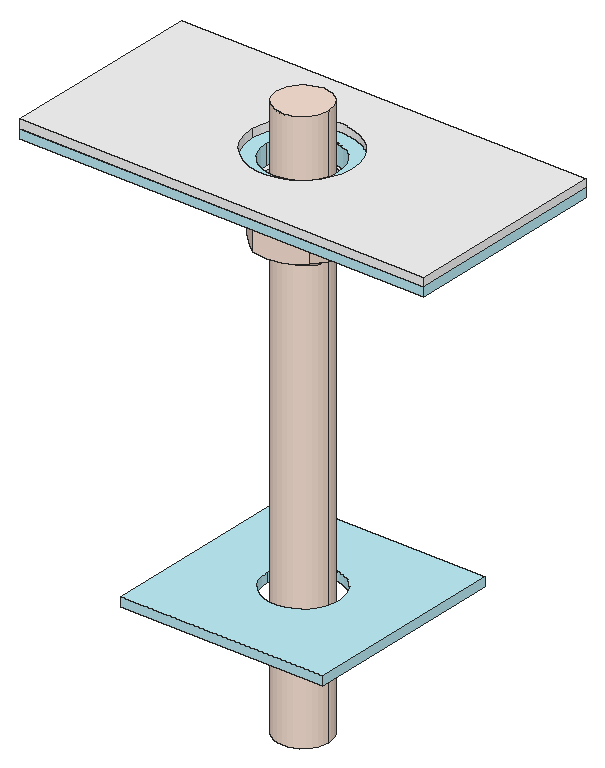
Revit family "gtqueen_outdoor_umekomi", category 機械設備, Revit 2022
Family settings
  丸型コネクタ寸法 = 直径を使用
  種別 = なし
  パーツ タイプ = 標準
  作業面ベース = いいえ
  常に垂直 = はい
  ロード時にボイドで切り取り = いいえ
  注釈の向きを維持 = いいえ
  共有 = いいえ
  部屋計算ポイント = いいえ
Parameters
  製造元 = "株式会社桐井製作所"
  既定の高さ = 0 mm
  URL = "https://www.kirii.co.jp/"
  K_名称 = "GTクイーンアウトドア埋込タイプ"
  K_備考 = "ボルト長さ60mm~250mmまで対応"
  K_バージョン情報 = "20221219"
Reference planes
  plane 1 "中心(正面/背面)": y = 0
  plane 2: z = 0
  plane 3 "中心(左/右)": x = 0
Dimensions and locks
  aligned and locked: level to plane 2
Nested families
  nested 1: "クッションゴムGTクイーン用" at (0.038, 0, 97.3), type "クッションゴムGTクイーン用"
  nested 2: "1／2”ボルト(高耐食)" at (0.076, 0, -30), type "1／2”ボルト(高耐食)"
    with K_長さ(mm) 140 mm
  nested 3: "受け金具GTクイーン用(高耐食)" at (0.114, 0, 97.3) x (1, 0, 0) z (0, 0, -1), type "受け金具GTクイーン用(高耐食)"
  nested 4: "調整座金(高耐食)" at (0.114, 0, 0), type "調整座金(高耐食)"
  nested 5: "1／2”ナット(高耐食)" at (0.114, 0, 89.1) x (1, 0, 0) z (0, 0, -1), type "1／2”ナット(高耐食)"
  nested 6: "1／2”スプリングワッシャー(高耐食)" at (0.114, 0, 89.1), type "1／2”スプリングワッシャー(高耐食)"
Definition of nested family "クッションゴムGTクイーン用"
  Parameters (values of type "クッションゴムGTクイーン用")
    Manufacturer = "株式会社桐井製作所"
    Default Elevation = 0 mm
    URL = "https://www.kirii.co.jp/"
    K_材質 = "天然ゴム"
    K_名称 = "クッションゴムGTクイーン用"
    K_単位質量(kg/個) = 0.013
    K_バージョン情報 = "20221219"
    K_JIS規格 = "JIS Ｋ 6386"
  Reference planes
    plane 1 "中心(正面/背面)": y = 0
    plane 2: z = 0
    plane 3 "中心(左/右)": x = 0
  Forms (mm)
    Extrusion 1, solid
      sketch origin (0, 0, -108.4) x (-1, 0, 0) y (0, 0, 1)
        loop
          line (50, 108.4) -> (50, 110.4) -> (-50, 110.4) -> (-50, 108.4) -> (50, 108.4)
      from -25 to 25
    Extrusion 2, void
      sketch origin (0, 0, 0) x (1, 0, 0) y (0, 1, 0)
        loop
          circle (0, 0) r 12.5
      from 0 to 2
  Cuts and joins
    Extrusion 2 cuts Extrusion 1
  Dimensions and locks
    aligned and locked: level to plane 2
Definition of nested family "1／2”ボルト(高耐食)"
  Parameters (values of type "1／2”ボルト(高耐食)")
    Manufacturer = "株式会社桐井製作所"
    Default Elevation = 0 mm
    URL = "https://www.kirii.co.jp/"
    K_長さ(mm) [instance] = 100 mm
    K_材質 = "軟鋼線材"
    K_名称 = "1/2”ボルト(高耐食)"
    K_単位質量(㎏/mm) = 0.075
    K_バージョン情報 = "20221219"
    K_めっき付着量 = "高耐食複合焼付被膜"
    K_JIS規格 = "JIS G 3505　同等以上"
  Reference planes
    plane 1 "中心(正面/背面)": y = 0
    plane 2: z = 0
    plane 3 "中心(左/右)": x = 0
  Forms (mm)
    Extrusion 1, solid
      sketch origin (0.058, 0, 0) x (1, 0, 0) y (0, 1, 0)
        loop
          circle (-0.02, 0) r 6.35
      from 0 to 100
  Dimensions and locks
    "K_長さ(mm)": Extrusion 1 to Extrusion 1
    aligned and locked: level to plane 2
  Automatic sketch dimensions
    plane 1 "中心(正面/背面)" to Extrusion 1 sketch curve = 0 mm
    plane 3 "中心(左/右)" to Extrusion 1 sketch curve = 0.038 mm
    radius of Extrusion 1 sketch curve = 6.35 mm
Definition of nested family "受け金具GTクイーン用(高耐食)"
  Parameters (values of type "受け金具GTクイーン用(高耐食)")
    Manufacturer = "株式会社桐井製作所"
    Default Elevation = 0 mm
    URL = "https://www.kirii.co.jp/"
    K_表面処理 = "K27"
    K_材質 = "溶融亜鉛めっき鋼板及び鋼帯 JIS G 3302"
    K_名称 = "GTクイーン用受け金具(高耐食)"
    K_バージョン情報 = "20221219"
  Reference planes
    plane 1 "中心(正面/背面)": y = 0
    plane 2: z = 0
    plane 3 "中心(左/右)": x = 0
  Forms (mm)
    Extrusion 1, solid
      sketch origin (0, 0, 0) x (1, 0, 0) y (0, 0, 1)
        loop
          line (-50, 2.3) -> (-50, 0) -> (50, 0) -> (50, 2.3) -> (-50, 2.3)
      from -25 to 25
    Revolve 2, solid
      sketch origin (0, 0, 0) x (1, 0, 0) y (0, 0, 1)
        loop
          line (0, 5) -> (0, 2.3) -> (17.5, 2.3)
          arc (17.5, 2.3) -> (16.21, 4.247) -> (14, 5) r 3.619
          line (14, 5) -> (0, 5)
        axis (0, 5) -> (0, 2.3)
      angle from 0 to 360
    Extrusion 3, void
      sketch origin (0, 0, 0) x (1, 0, 0) y (0, 1, 0)
        loop
          circle (-0.139, 0) r 9
      from 0 to 5
    Extrusion 4, void
      sketch origin (0, 0, 0) x (1, 0, 0) y (0, 1, 0)
        loop
          circle (-35.139, -10) r 2
        loop
          circle (34.861, 10) r 2
      from 0 to 2.3
  Cuts and joins
    Extrusion 3, Extrusion 4 cuts Extrusion 1
    Extrusion 3, Extrusion 4 cuts Revolve 2
    joined: Extrusion 1, Revolve 2
  Dimensions and locks
    aligned and locked: level to plane 2
Definition of nested family "調整座金(高耐食)"
  Parameters (values of type "調整座金(高耐食)")
    Manufacturer = "株式会社桐井製作所"
    Default Elevation = 0 mm
    URL = "https://www.kirii.co.jp/"
    K_表面処理 = "K27"
    K_材質 = "溶融亜鉛めっき鋼板及び鋼帯 JIS G 3302"
    K_名称 = "調整座金(高耐食)"
    K_バージョン情報 = "20221219"
  Reference planes
    plane 1 "中心(正面/背面)": y = 0
    plane 2: z = 0
    plane 3 "中心(左/右)": x = 0
  Forms (mm)
    Extrusion 1, solid
      sketch origin (0, 0, 0) x (1, 0, 0) y (0, 0, 1)
        loop
          line (-25, 2.3) -> (-25, 0) -> (25, 0) -> (25, 2.3) -> (-25, 2.3)
      from -25 to 25
    Extrusion 2, void
      sketch origin (-0.71, 0, 0) x (1, 0, 0) y (0, 1, 0)
        loop
          circle (0.71, 0) r 9
      from 0 to 2.3
  Cuts and joins
    Extrusion 2 cuts Extrusion 1
  Dimensions and locks
    aligned and locked: level to plane 2
Definition of nested family "1／2”ナット(高耐食)"
  Parameters (values of type "1／2”ナット(高耐食)")
    Manufacturer = "株式会社桐井製作所"
    Default Elevation = 0 mm
    URL = "https://www.kirii.co.jp/"
    K_表面処理 = "高耐食複合焼付被覆"
    K_材質 = "軟鋼線材 JIS G 3505 同等以上"
    K_名称 = "1/2\"ナット(高耐食)"
    K_単位質量(kg/個) = 0.021
    K_バージョン情報 = "20221219"
  Reference planes
    plane 1 "中心(正面/背面)": y = 0
    plane 2: z = 0
    plane 3 "中心(左/右)": x = 0
  Forms (mm)
    Revolve 1, solid
      sketch origin (0, 0, 2.36) x (1, 0, 0) y (0, 0, 1)
        loop
          line (7, 7.64) -> (7, -2.36) -> (13, -2.36) -> (13, 4.782)
          arc (13, 4.782) -> (11.208, 6.863) -> (8.573, 7.64) r 4.858
          line (8.573, 7.64) -> (7, 7.64)
        axis (0, 7.64) -> (0, -2.36)
      angle from 0 to 360
    Extrusion 2, void
      sketch origin (0, 0, 0) x (1, 0, 0) y (0, 1, 0)
        loop
          circle (0, 0) r 14
        loop
          line (3.138, 11.711) -> (-8.573, 8.573) -> (-11.711, -3.138) -> (-3.138, -11.711) -> (8.573, -8.573) -> (11.711, 3.138) -> (3.138, 11.711)
      from 0 to 10
  Cuts and joins
    Extrusion 2 cuts Revolve 1
  Dimensions and locks
    aligned and locked: level to plane 2
Definition of nested family "1／2”スプリングワッシャー(高耐食)"
  Parameters (values of type "1／2”スプリングワッシャー(高耐食)")
    Manufacturer = "株式会社桐井製作所"
    Default Elevation = 0 mm
    URL = "https://www.kirii.co.jp/"
    K_表面処理 = "高耐食複合焼付被覆"
    K_材質 = "軟鋼線材 JIS G 3505 同等以上"
    K_名称 = "1/2”スプリングワッシャー(高耐食)"
    K_単位質量(kg/個) = 0.001
    K_バージョン情報 = "20221212"
  Reference planes
    plane 1 "中心(正面/背面)": y = 0
    plane 2: z = 0
    plane 3 "中心(左/右)": x = 0
  Forms (mm)
    Extrusion 1, solid
      sketch origin (0, 0, 0) x (1, 0, 0) y (0, 1, 0)
        loop
          circle (0, 0.162) r 11
        loop
          circle (0, 0.162) r 8
      from 0 to 3.2
  Dimensions and locks
    aligned and locked: level to plane 2
